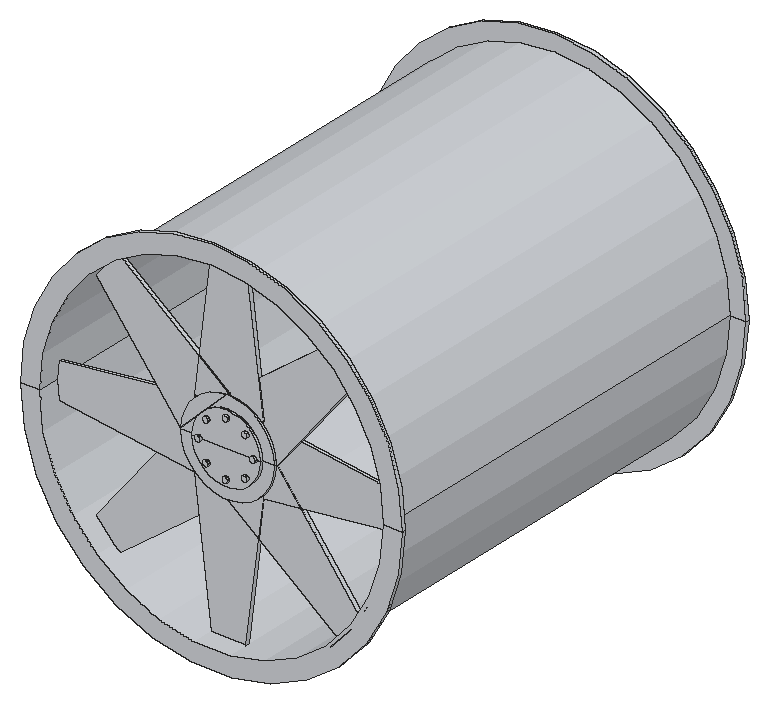
Revit family "CADS_Vent-Axia_MechEquip_Fan_BIFA_630_3Ph4P - EXTRACT", category Mechanical Equipment, Revit 2020
Family settings
  Round Connector Dimension = Use Diameter
  Part Type = Normal
  OmniClass Number = 23.75.00.00
  OmniClass Title = Climate Control (HVAC)
  Work Plane-Based = No
  Always vertical = Yes
  Cut with Voids When Loaded = No
  Shared = No
  Room Calculation Point = No
Parameters (values of type "BIFA633440")
  WorkingPressure = 0.0 Pa
  WarrantyStartDate [instance] = "1900-12-31T23:59:59"
  WarrantyPeriod = ""
  WarrantyIdentifier = "N/A"
  WarrantyGuarantorParts = "tech@vent-axia.com"
  WarrantyGuarantorLabor = "tech@vent-axia.com"
  WarrantyGuarantor = "Vent-Axia Limited"
  WarrantyEndDate [instance] = "1900-12-31T23:59:59"
  WarrantyContent = ""
  TemperatureRange = ""
  TagNumber [instance] = "N/A"
  SustainabilityPerformance = ""
  Status = "New"
  Size = ""
  Shape = ""
  ServiceLifeType = ""
  ServiceLifeDuration = ""
  SerialNumber [instance] = "N/A"
  ReplacementCost = ""
  RatedVoltage = 0 V
  RatedCurrent = 0 A
  Quantity = 1
  ProductionYear = ""
  PressureCurve = ""
  PowerFactor = ""
  PointOfContact = ""
  NumberOfPoles = 0
  NominalWidth = 630 mm
  NominalLength = 790 mm
  NominalHeight = 630 mm
  NominalFrequencyRange = ""
  NominalDiameter = 630 mm
  ModelReference = "BIF 630MM 3PH 4P 40DEG"
  ModelNumber = "BIFA633440"
  Material = ""
  ManufacturerE-Mail = "tech@vent-axia.com"
  ManufacturerAddress = "Fleming Way\nCrawley \nRH10 9YX"
  IsExtendedWarranty = no
  InsulationStandardClass = ""
  InstallationDate [instance] = "1900-12-31T23:59:59"
  IfcExportType [instance] = ""
  IfcExportAs = "IfcFanType"
  IP_Code = ""
  HasProtectiveEarth = no
  GrossWeight = 0.00 kg
  Grade = ""
  GlobalTradeItemNumber [instance] = "N/A"
  Fitting Type = "Ignore"
  Finish = ""
  Features = ""
  ExteriorInsulation = no
  ExpectedServiceLife = 0
  Exclusions = ""
  DurationUnit = "Year"
  Default Elevation = 0 mm
  Constituents = ""
  ConductorFunction = ""
  Color = ""
  CodePerformance = ""
  Category = ""
  CADS_Usage = 0
  CADS_Index = 0
  AssetType = "FIXED"
  AssetIdentifier [instance] = "N/A"
  AssemblyPlace = "UNKNOWN"
  ArticleNumber [instance] = "N/A"
  AirflowRateRange = 0.0 L/s
  Air Flow [instance] = 0.0 L/s
  AccessibilityPerformance = ""
Types (16, lengths in mm): name | ModelReference | ModelNumber
  BIFA633410 | "BIF 630MM 3PH 4P 10DEG" | "BIFA633410"
  BIFA633412 | "BIF 630MM 3PH 4P 12DEG" | "BIFA633412"
  BIFA633414 | "BIF 630MM 3PH 4P 14DEG" | "BIFA633414"
  BIFA633416 | "BIF 630MM 3PH 4P 16DEG" | "BIFA633416"
  BIFA633418 | "BIF 630MM 3PH 4P 18DEG" | "BIFA633418"
  BIFA633420 | "BIF 630MM 3PH 4P 20DEG" | "BIFA633420"
  BIFA633422 | "BIF 630MM 3PH 4P 22DEG" | "BIFA633422"
  BIFA633424 | "BIF 630MM 3PH 4P 24DEG" | "BIFA633424"
  BIFA633426 | "BIF 630MM 3PH 4P 26DEG" | "BIFA633426"
  BIFA633428 | "BIF 630MM 3PH 4P 28DEG" | "BIFA633428"
  BIFA633430 | "BIF 630MM 3PH 4P 30DEG" | "BIFA633430"
  BIFA633432 | "BIF 630MM 3PH 4P 32DEG" | "BIFA633432"
  BIFA633434 | "BIF 630MM 3PH 4P 34DEG" | "BIFA633434"
  BIFA633436 | "BIF 630MM 3PH 4P 36DEG" | "BIFA633436"
  BIFA633438 | "BIF 630MM 3PH 4P 38DEG" | "BIFA633438"
  BIFA633440 | "BIF 630MM 3PH 4P 40DEG" | "BIFA633440"
Reference planes
  plane 1 "Center (Front/Back)": y = 0
  plane 2: z = 0
  plane 3 "Center (Left/Right)": x = 0
  plane 4: x = -315
  plane 5: x = 315
  plane 6 "F": y = -395
  plane 7 "B": y = 395
  plane 8: x = -350
  plane 9: y = 390
  plane 10: y = -390
  plane 11: x = -320
  plane 12: y = -355
Forms (mm)
  Revolve 1, solid
    sketch origin (0, 0, 0) x (1, 0, 0) y (0, 1, 0)
      loop
        line (-350, -395) -> (-315, -395) -> (-315, 395) -> (-350, 395) -> (-350, 390) -> (-320, 390) -> (-320, -390) -> (-350, -390) -> (-350, -395)
      axis (0, 395) -> (0, -395)
    angle from 0 to 360
Dimensions and locks
  equal spacing: plane 4, plane 3 "Center (Left/Right)", plane 5
  equal spacing: plane 7 "B", plane 1 "Center (Front/Back)", plane 6 "F"
  "NominalLength": plane 7 "B" to plane 6 "F"
  "NominalDiameter": plane 4 to plane 5
  locked: plane 11 to plane 4 at 5
  locked: plane 8 to plane 11 at 30
  locked: plane 6 "F" to plane 10 at 5
  locked: plane 7 "B" to plane 9 at 5
  locked: plane 6 "F" to plane 12 at 40
  aligned and locked: level to plane 2
  aligned and locked: nested 1 to plane 12
Automatic sketch dimensions
  plane 6 "F" to Revolve 1 sketch curve = 0 mm
  Revolve 1 sketch curve to plane 8 = 0 mm  (x2)
  plane 10 to Revolve 1 sketch curve = 0 mm
  Revolve 1 sketch curve to plane 11 = 0 mm
  Revolve 1 sketch curve to plane 4 = 0 mm
  Revolve 1 sketch curve to plane 3 "Center (Left/Right)" = 0 mm
  plane 1 "Center (Front/Back)" to Revolve 1 sketch curve = 0 mm
  Revolve 1 sketch curve to plane 9 = 0 mm
  Revolve 1 sketch curve to plane 7 "B" = 0 mm
  plane 6 "F" to Revolve 1 sketch curve = 115 mm
Nested families
  nested 1: "Fan for BIFA" at (0, -355, 0), ND <- "NominalDiameter", type "Fan for BIFA"
    with hub 63 mm, ND 630 mm, BoltPCD 50.4 mm, Bolt Count 8, B_Diam 10 mm
  nested 2: "Bolts" at (0, -364.172, -50.4) x (-1, 0, 0) z (0, 1, 0), type "Bolts"
    with bd 10 mm
  nested 3: "Bolts" at (-35.638, -364.172, -35.638) x (-0.7071, 0, 0.7071) z (0, 1, 0), type "Bolts"
    with bd 10 mm
  nested 4: "Bolts" at (-50.4, -364.172, 0) x (0, 0, 1) z (0, 1, 0), type "Bolts"
    with bd 10 mm
  nested 5: "Bolts" at (-35.638, -364.172, 35.638) x (0.7071, 0, 0.7071) z (0, 1, 0), type "Bolts"
    with bd 10 mm
  nested 6: "Bolts" at (35.638, -364.172, 35.638) x (0.7071, 0, -0.7071) z (0, 1, 0), type "Bolts"
    with bd 10 mm
  nested 7: "Bolts" at (0, -364.172, 50.4) x (1, 0, 0) z (0, 1, 0), type "Bolts"
    with bd 10 mm
  nested 8: "BIFA Blade" at (0, -355, 0), type "BIFA Blade"
    with a 20.00°, HR 63 mm, HD 126 mm, BT 63 mm, BR 252 mm, BH 40 mm, BD 630 mm, BB 126 mm
  nested 9: "BIFA Blade" at (0, -355, 0) x (0.7071, 0, -0.7071) z (0.7071, 0, 0.7071), type "BIFA Blade"
    with a 20.00°, HR 63 mm, HD 126 mm, BT 63 mm, BR 252 mm, BH 40 mm, BD 630 mm, BB 126 mm
  nested 10: "BIFA Blade" at (0, -355, 0) x (0, 0, -1) z (1, 0, 0), type "BIFA Blade"
    with a 20.00°, HR 63 mm, HD 126 mm, BT 63 mm, BR 252 mm, BH 40 mm, BD 630 mm, BB 126 mm
  nested 11: "BIFA Blade" at (0, -355, 0) x (-0.7071, 0, -0.7071) z (0.7071, 0, -0.7071), type "BIFA Blade"
    with a 20.00°, HR 63 mm, HD 126 mm, BT 63 mm, BR 252 mm, BH 40 mm, BD 630 mm, BB 126 mm
  nested 12: "BIFA Blade" at (0, -355, 0) x (-1, 0, 0) z (0, 0, -1), type "BIFA Blade"
    with a 20.00°, HR 63 mm, HD 126 mm, BT 63 mm, BR 252 mm, BH 40 mm, BD 630 mm, BB 126 mm
  nested 13: "BIFA Blade" at (0, -355, 0) x (-0.7071, 0, -0.7071) z (-0.7071, 0, 0.7071), type "BIFA Blade"
    with a 20.00°, HR 63 mm, HD 126 mm, BT 63 mm, BR 252 mm, BH 40 mm, BD 630 mm, BB 126 mm
  nested 14: "BIFA Blade" at (0, -355, 0) x (0, 0, -1) z (-1, 0, 0), type "BIFA Blade"
    with a 20.00°, HR 63 mm, HD 126 mm, BT 63 mm, BR 252 mm, BH 40 mm, BD 630 mm, BB 126 mm
  nested 15: "BIFA Blade" at (0, -355, 0) x (0.7071, 0, -0.7071) z (-0.7071, 0, -0.7071), type "BIFA Blade"
    with a 20.00°, HR 63 mm, HD 126 mm, BT 63 mm, BR 252 mm, BH 40 mm, BD 630 mm, BB 126 mm
  nested 16: "Bolts" at (50.4, -364.172, 0) x (0, 0, -1) z (0, 1, 0), type "Bolts"
    with bd 10 mm
  nested 17: "Bolts" at (35.638, -364.172, -35.638) x (-0.7071, 0, -0.7071) z (0, 1, 0), type "Bolts"
    with bd 10 mm
Connectors
  hvac at (0, -395, 0), driven by "NominalDiameter", driven by "Air Flow"
    settings: on Revolve 1, index 1, duct flow 0.0 L/s, flow factor 0, pres drop 0.0 Pa, loss coef 0, conn angle 0.00°, conn width 304.8 mm, conn height 304.8 mm, conn diameter 630 mm, duct sys type 2, conn prof type 0, flow config 0, flow direction 1, loss method 0, conn ref index -1, conn util no, is conn primary yes, conn desc ""
  hvac at (0, 395, 0), driven by "NominalDiameter", driven by "Air Flow"
    settings: on Revolve 1, index 2, duct flow 0.0 L/s, flow factor 0, pres drop 0.0 Pa, loss coef 0, conn angle 0.00°, conn width 304.8 mm, conn height 304.8 mm, conn diameter 630 mm, duct sys type 3, conn prof type 0, flow config 1, flow direction 2, loss method 0, conn ref index -1, conn util no, is conn primary no, conn desc ""
Definition of nested family "Fan for BIFA"
  Parameters (values of type "Fan for BIFA")
    hub [instance] = ND / 10  # 50 mm
    ND [instance] = 500 mm
    Model = "."
    Default Elevation = 0 mm
    BoltPCD [instance] = hub - (hub * 0.2)  # 40 mm
    Bolt Count [instance] = if(hub < 50 mm, 6, 8)  # 8
    B_Diam [instance] = if(hub < 50 mm, 5 mm, 10 mm)  # 10 mm
  Reference planes
    plane 1 "Center (Front/Back)": y = 0
    plane 2: z = 0
    plane 3 "Center (Left/Right)": x = 0
    plane 4 "back": y = 20
    plane 5 "bolts": y = -9.172
    plane 6 "B": z = 50
    plane 7: x = -72.587
    plane 8: x = -50
    plane 9 "hubface": y = -6.172
  Forms (mm)
    Revolve 1, solid
      sketch origin (0, 0, 0) x (1, 0, 0) y (0, 1, 0)
        loop
          line (0, 20) -> (-50, 20) -> (-50, 10.504) -> (-72.587, 10.504) -> (-72.587, -2.597) -> (-50, -2.597) -> (-50, -6.172) -> (0, -6.172) -> (0, 20)
        axis (0, 20) -> (0, -6.172)
      angle from 0 to 360
    Extrusion 2, solid, not visible
      sketch origin (0, -6.347, -4) x (-1, 0, 0) y (0, 0, 1)
        loop
          circle (0, 84) r 5
      from 0 to 3
  Lines and regions (mm)
    symbolic lines
      curve 1: circle (0, -9.172, 0) r 40 normal (0, 1, 0)
    model lines, not visible
      curve 2: line (0, -6.347, 85) -> (0, -6.347, 75)
  Dimensions and locks
    "hub": plane 6 "B" to plane 2
    "hub": nested 3 to plane 3 "Center (Left/Right)"
    "hub": nested 4 to plane 3 "Center (Left/Right)"
    "hub": nested 5 to plane 3 "Center (Left/Right)"
    "hub": plane 3 "Center (Left/Right)" to nested 6
    "hub": Revolve 1 sketch curve to Revolve 1 sketch curve
    "hub": plane 3 "Center (Left/Right)" to nested 7
    "hub": plane 3 "Center (Left/Right)" to nested 8
    "hub": plane 3 "Center (Left/Right)" to nested 9
    "hub": plane 8 to plane 3 "Center (Left/Right)"
    plane 7 to plane 8 = 22.587 mm
    diameter of Extrusion 2 sketch curve = 10 mm
    "BoltPCD": radius of curve 1
    "BoltPCD": radius of radial array
    aligned and locked: level to plane 2
    aligned and locked: plane 6 "B" to nested 1
  Automatic sketch dimensions
    Revolve 1 sketch curve to plane 7 = 0 mm
    Revolve 1 sketch curve to plane 8 = 0 mm  (x2)
    Revolve 1 sketch curve to plane 3 "Center (Left/Right)" = 0 mm
    Revolve 1 sketch curve to plane 9 "hubface" = 0 mm
    plane 4 "back" to Revolve 1 sketch curve = 0 mm
    plane 1 "Center (Front/Back)" to Revolve 1 sketch curve = 2.597 mm
    plane 4 "back" to Revolve 1 sketch curve = 9.496 mm
    plane 4 "back" to Revolve 1 sketch curve = 5 mm
    Revolve 1 sketch curve to Revolve 1 sketch curve = 45 mm
    curve 1 to level = 0 mm
    curve 1 to plane 3 "Center (Left/Right)" = 0 mm
  Nested families
    nested 1: "BIFA Blade" at (0, 0, 25), BD <- "ND", HD <- "hub", type "BIFA Blade"
      with a 20.00°, HR 25 mm, HD 50 mm, BT 25 mm, BR 100 mm, BH 40 mm, BD 250 mm, BB 50 mm
    nested 2: "BIFA Blade" at (0, 0, 55), BD <- "ND", HD <- "hub", type "BIFA Blade", not visible
      with a 20.00°, HR 25 mm, HD 50 mm, BT 25 mm, BR 100 mm, BH 40 mm, BD 250 mm, BB 50 mm
    nested 3: "BIFA Blade" at (17.678, 0, 17.678) x (0.7071, 0, -0.7071) z (0.7071, 0, 0.7071), BD <- "ND", HD <- "hub", type "BIFA Blade"
      with a 20.00°, HR 25 mm, HD 50 mm, BT 25 mm, BR 100 mm, BH 40 mm, BD 250 mm, BB 50 mm
    nested 4: "BIFA Blade" at (25, 0, 0) x (0, 0, -1) z (1, 0, 0), BD <- "ND", HD <- "hub", type "BIFA Blade"
      with a 20.00°, HR 25 mm, HD 50 mm, BT 25 mm, BR 100 mm, BH 40 mm, BD 250 mm, BB 50 mm
    nested 5: "BIFA Blade" at (17.678, 0, -17.678) x (-0.7071, 0, -0.7071) z (0.7071, 0, -0.7071), BD <- "ND", HD <- "hub", type "BIFA Blade"
      with a 20.00°, HR 25 mm, HD 50 mm, BT 25 mm, BR 100 mm, BH 40 mm, BD 250 mm, BB 50 mm
    nested 6: "BIFA Blade" at (0, 0, -25) x (-1, 0, 0) z (0, 0, -1), BD <- "ND", HD <- "hub", type "BIFA Blade"
      with a 20.00°, HR 25 mm, HD 50 mm, BT 25 mm, BR 100 mm, BH 40 mm, BD 250 mm, BB 50 mm
    nested 7: "BIFA Blade" at (-17.678, 0, 17.678) x (-0.7071, 0, -0.7071) z (-0.7071, 0, 0.7071), BD <- "ND", HD <- "hub", type "BIFA Blade"
      with a 20.00°, HR 25 mm, HD 50 mm, BT 25 mm, BR 100 mm, BH 40 mm, BD 250 mm, BB 50 mm
    nested 8: "BIFA Blade" at (-25, 0, 0) x (0, 0, -1) z (-1, 0, 0), BD <- "ND", HD <- "hub", type "BIFA Blade"
      with a 20.00°, HR 25 mm, HD 50 mm, BT 25 mm, BR 100 mm, BH 40 mm, BD 250 mm, BB 50 mm
    nested 9: "BIFA Blade" at (-17.678, 0, -17.678) x (0.7071, 0, -0.7071) z (-0.7071, 0, -0.7071), BD <- "ND", HD <- "hub", type "BIFA Blade"
      with a 20.00°, HR 25 mm, HD 50 mm, BT 25 mm, BR 100 mm, BH 40 mm, BD 250 mm, BB 50 mm
    nested 10: "Bolts" at (0, -9.172, 40) x (1, 0, 0) z (0, 1, 0), bd <- "B_Diam", type "Bolts"
      with bd 10 mm
    nested 11: "Bolts" at (28.284, -9.172, 28.284) x (0.7071, 0, -0.7071) z (0, 1, 0), bd <- "B_Diam", type "Bolts"
      with bd 10 mm
    nested 12: "Bolts" at (-28.284, -9.172, 28.284) x (0.7071, 0, 0.7071) z (0, 1, 0), bd <- "B_Diam", type "Bolts"
      with bd 10 mm
    nested 13: "Bolts" at (-40, -9.172, 0) x (0, 0, 1) z (0, 1, 0), bd <- "B_Diam", type "Bolts"
      with bd 10 mm
    nested 14: "Bolts" at (-28.284, -9.172, -28.284) x (-0.7071, 0, 0.7071) z (0, 1, 0), bd <- "B_Diam", type "Bolts"
      with bd 10 mm
    nested 15: "Bolts" at (0, -9.172, -40) x (-1, 0, 0) z (0, 1, 0), bd <- "B_Diam", type "Bolts"
      with bd 10 mm
    nested 16: "Bolts" at (28.284, -9.172, -28.284) x (-0.7071, 0, -0.7071) z (0, 1, 0), bd <- "B_Diam", type "Bolts"
      with bd 10 mm
    nested 17: "Bolts" at (40, -9.172, 0) x (0, 0, -1) z (0, 1, 0), bd <- "B_Diam", type "Bolts"
      with bd 10 mm
  Definition of nested family "BIFA Blade"
    Parameters (values of type "BIFA Blade")
      a [instance] = 20.00°
      HR [instance] = HD / 2  # 30 mm
      HD [instance] = BD / 5  # 60 mm
      Default Elevation = 1219.2 mm
      BT [instance] = BD / 10  # 30 mm
      BR [instance] = (BD / 2) - HR  # 120 mm
      BH [instance] = 40 mm
      BD [instance] = 300 mm
      BB [instance] = BD / 5  # 60 mm
    Reference planes
      plane 1 "Center (Front/Back)": y = 0
      plane 2: z = 0
      plane 3 "Center (Left/Right)": x = 0
      plane 4 "Blade Bot": z = 30
      plane 5: x = -30
      plane 6: x = 30
      plane 7: x = -15
      plane 8: x = 15
    Forms (mm)
      Blend 1, solid
        base sketch origin (0, 0, 30) x (-1, 0, 0) y (0, -1, 0)
          loop
            line (30, 0) -> (-30, 0) -> (-30, -6) -> (30, -6) -> (30, 0)
        top sketch origin (0, 0, 30) x (-1, 0, 0) y (0, -1, 0)
          loop
            line (15, -6) -> (15, 0) -> (-15, 0) -> (-15, -6) -> (15, -6)
        from 0 to 120 <- "BR"
    Dimensions and locks
      "HR": plane 4 "Blade Bot" to level
      equal spacing: plane 8, plane 3 "Center (Left/Right)", plane 7
      "BT": plane 8 to plane 7
      equal spacing: plane 6, plane 3 "Center (Left/Right)", plane 5
      "BB": plane 6 to plane 5
      aligned and locked: level to plane 2
    Automatic sketch dimensions
      plane 1 "Center (Front/Back)" to Blend 1 sketch curve = 0 mm  (x2)
      Blend 1 sketch curve to plane 6 = 0 mm
      Blend 1 sketch curve to plane 5 = 0 mm
      Blend 1 sketch curve to plane 1 "Center (Front/Back)" = 6 mm  (x2)
      Blend 1 sketch curve to plane 8 = 0 mm
      Blend 1 sketch curve to plane 7 = 0 mm
  Definition of nested family "Bolts"
    Parameters
      bd [instance] = 10 mm
      Default Elevation = 1219.2 mm
    Reference planes
      plane 1 "Center (Front/Back)": y = 0
      plane 2: z = 0
      plane 3 "Center (Left/Right)": x = 0
    Forms (mm)
      Extrusion 1, solid
        sketch origin (0, 0, 0) x (1, 0, 0) y (0, 1, 0)
          loop
            line (-1219.2, 1219.2) -> (-1219.2, -1219.2) -> (1219.2, -1219.2) -> (1219.2, 1219.2) -> (-1219.2, 1219.2)
        from 0 to -304.8
      Extrusion 2, solid
        sketch origin (0, 0, 0) x (1, 0, 0) y (0, 1, 0)
          loop
            circle (0, 0) r 5
        from 0 to 3
    Dimensions and locks
      "bd": diameter of Extrusion 2 sketch curve
      aligned and locked: plane 2 to Extrusion 1
      aligned and locked: level to Extrusion 1
    Automatic sketch dimensions
      Extrusion 1 sketch curve to Extrusion 1 sketch curve = 2438.4 mm  (x2)
      plane 1 "Center (Front/Back)" to Extrusion 2 sketch curve = 0 mm
      Extrusion 2 sketch curve to plane 3 "Center (Left/Right)" = 0 mm
Definition of nested family "Bolts"
  Parameters
    bd [instance] = 10 mm
    Default Elevation = 1219.2 mm
  Reference planes
    plane 1 "Center (Front/Back)": y = 0
    plane 2: z = 0
    plane 3 "Center (Left/Right)": x = 0
  Forms (mm)
    Extrusion 1, solid
      sketch origin (0, 0, 0) x (1, 0, 0) y (0, 1, 0)
        loop
          line (-1219.2, 1219.2) -> (-1219.2, -1219.2) -> (1219.2, -1219.2) -> (1219.2, 1219.2) -> (-1219.2, 1219.2)
      from 0 to -304.8
    Extrusion 2, solid
      sketch origin (0, 0, 0) x (1, 0, 0) y (0, 1, 0)
        loop
          circle (0, 0) r 5
      from 0 to 3
  Dimensions and locks
    "bd": diameter of Extrusion 2 sketch curve
    aligned and locked: plane 2 to Extrusion 1
    aligned and locked: level to Extrusion 1
  Automatic sketch dimensions
    Extrusion 1 sketch curve to Extrusion 1 sketch curve = 2438.4 mm  (x2)
    plane 1 "Center (Front/Back)" to Extrusion 2 sketch curve = 0 mm
    Extrusion 2 sketch curve to plane 3 "Center (Left/Right)" = 0 mm
Definition of nested family "BIFA Blade"
  Parameters (values of type "BIFA Blade")
    a [instance] = 20.00°
    HR [instance] = HD / 2  # 30 mm
    HD [instance] = BD / 5  # 60 mm
    Default Elevation = 1219.2 mm
    BT [instance] = BD / 10  # 30 mm
    BR [instance] = (BD / 2) - HR  # 120 mm
    BH [instance] = 40 mm
    BD [instance] = 300 mm
    BB [instance] = BD / 5  # 60 mm
  Reference planes
    plane 1 "Center (Front/Back)": y = 0
    plane 2: z = 0
    plane 3 "Center (Left/Right)": x = 0
    plane 4 "Blade Bot": z = 30
    plane 5: x = -30
    plane 6: x = 30
    plane 7: x = -15
    plane 8: x = 15
  Forms (mm)
    Blend 1, solid
      base sketch origin (0, 0, 30) x (-1, 0, 0) y (0, -1, 0)
        loop
          line (30, 0) -> (-30, 0) -> (-30, -6) -> (30, -6) -> (30, 0)
      top sketch origin (0, 0, 30) x (-1, 0, 0) y (0, -1, 0)
        loop
          line (15, -6) -> (15, 0) -> (-15, 0) -> (-15, -6) -> (15, -6)
      from 0 to 120 <- "BR"
  Dimensions and locks
    "HR": plane 4 "Blade Bot" to level
    equal spacing: plane 8, plane 3 "Center (Left/Right)", plane 7
    "BT": plane 8 to plane 7
    equal spacing: plane 6, plane 3 "Center (Left/Right)", plane 5
    "BB": plane 6 to plane 5
    aligned and locked: level to plane 2
  Automatic sketch dimensions
    plane 1 "Center (Front/Back)" to Blend 1 sketch curve = 0 mm  (x2)
    Blend 1 sketch curve to plane 6 = 0 mm
    Blend 1 sketch curve to plane 5 = 0 mm
    Blend 1 sketch curve to plane 1 "Center (Front/Back)" = 6 mm  (x2)
    Blend 1 sketch curve to plane 8 = 0 mm
    Blend 1 sketch curve to plane 7 = 0 mm
